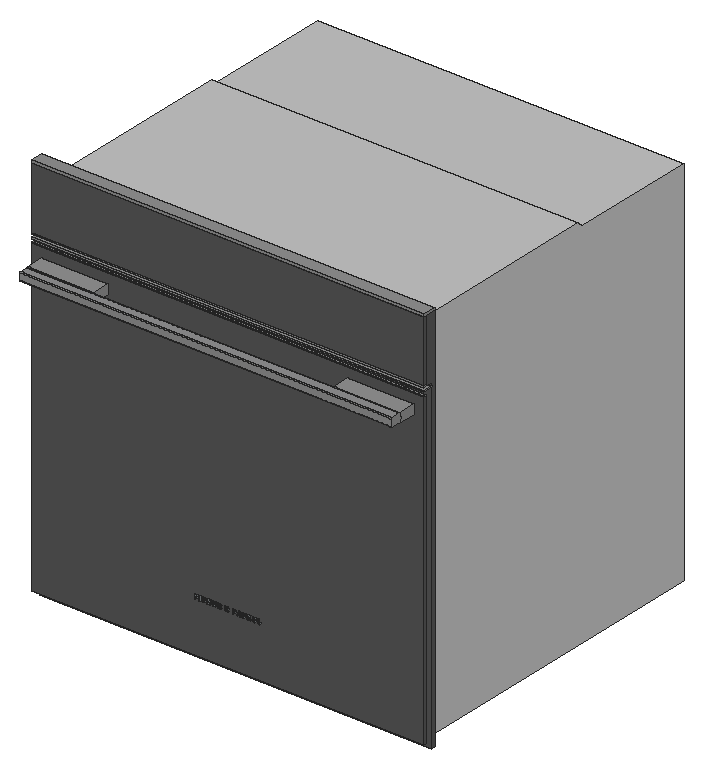
Revit family "FP-Revit20-en-OS60SDTB1-SteamOven-0-9000XXXXA-CN", category Specialty Equipment, Revit 2020
Family settings
  Round Connector Dimension = Use Diameter
  Part Type = Normal
  OmniClass Number = 23.40.40.14.17.11
  OmniClass Title = Cookers, Ovens, Stoves
  Work Plane-Based = No
  Always vertical = Yes
  Cut with Voids When Loaded = Yes
  Shared = No
  Room Calculation Point = No
Parameters (values of type "OS60SDTB1")
  Visibility - Clearance Required = yes
  URL = "www.fisherpaykel.com"
  Product - Height = 598 mm  # constant formula
  Product - Width = 596 mm  # constant formula
  Product - Depth (Exc. Handles) = 565 mm  # constant formula
  Opening - Height = 600 mm  # constant formula
  Model = "OS60SDTB1"
  Material - Trim = Fisher & Paykel - Aluminium, Dark
  Material - Structure = Fisher & Paykel - Black
  Material - Handle = Fisher & Paykel - Aluminium, Dark
  Material - Glass = Fisher & Paykel - Glass, Black
  Material - Body = Fisher & Paykel - Grey
  Manufacturer = "Fisher & Paykel Appliances"
  FFL Offset [instance] = 900 mm
  Description = "Combination Steam Oven, 60cm, 23 Function"
  Default Elevation = 0 mm
  Connector Description - Electrical = "220-240V, 50Hz ,15A"
  Chassis - Width = 556 mm  # constant formula
  Chassis - Height = 575 mm  # constant formula
  Chassis - Depth = 545 mm  # constant formula
  Cavity - Width = 560 mm  # constant formula
  Cavity - Height = 580 mm  # constant formula
  Cavity - Depth = 550 mm  # constant formula
Reference planes
  plane 1 "Datum": y = 0
  plane 2: z = -2
  plane 3 "Center (Left/Right)": x = 0
  plane 4 "Product - LHS": x = -298
  plane 5 "Product - RHS": x = 298
  plane 6 "Cavity - RHS": x = 280
  plane 7 "FFL Offset": z = 898
  plane 8 "Chassis - Depth": y = 545
  plane 9 "Front Face": y = -20
  plane 10 "Chassis - Height": z = 1473
  plane 11 "Cavity - Height": z = 1478
  plane 12 "Opening - Height": z = 1498
  plane 13 "Cavity - LHS": x = -280
  plane 14 "Cavity - Depth": y = 550
  plane 15 "Product - Height": z = 1496
  plane 16 "Opening - RHS": x = 300
  plane 17 "Opening - LHS": x = -300
  plane 18 "Chassis - LHS": x = -278
  plane 19 "Chassis - RHS": x = 278
Forms (mm)
  Extrusion 1, solid, material "Fisher & Paykel - Grey" <- "Material - Body"
    sketch origin (0, 0, 0) x (0, 1, 0) y (0, 0, 1)
      loop
        line (0, 1473) -> (0, 898) -> (528, 898) -> (528, 1088) -> (545, 1108) -> (545, 1303) -> (498, 1358) -> (498, 1466) -> (305, 1466) -> (298, 1473) -> (0, 1473)
    from -278 to 278
  Extrusion 2, solid, material "Fisher & Paykel - Black" <- "Material - Structure", detail levels fine
    sketch origin (0, 0, 0) x (0, 1, 0) y (0, 0, 1)
      loop
        line (0, 1492.7) -> (-16, 1492.7) -> (-16, 1396) -> (-4, 1396) -> (-4, 898) -> (0, 898) -> (0, 1492.7)
    from -298 to 298
  Extrusion 3, solid, material "Fisher & Paykel - Glass, Black" <- "Material - Glass", detail levels fine
    sketch origin (0, 0, -3) x (0, 1, 0) y (0, 0, 1)
      loop
        line (-20, 1386.4) -> (-20, 912.5) -> (-16, 912.5) -> (-16, 1386.4) -> (-20, 1386.4)
      loop
        line (-20, 1400.8) -> (-16, 1400.8) -> (-16, 1495.7) -> (-20, 1495.7) -> (-20, 1400.8)
    from -298 to 298
  Extrusion 4, solid, material "Fisher & Paykel - Black" <- "Material - Structure", detail levels fine
    sketch origin (0, 0, 0) x (0, 1, 0) y (0, 0, 1)
      loop
        line (-16, 909.5) -> (-4, 909.5) -> (-4, 1380.364) -> (-13.99, 1384) -> (-16, 1384) -> (-16, 909.5)
    from -268 to 268
  Extrusion 5, solid, material "Fisher & Paykel - Clearance Required", visible <- "Visibility - Clearance Required", detail levels coarse
    sketch origin (0, 0, -2) x (1, 0, 0) y (0, 1, 0)
      loop
        line (-280, 0) -> (280, 0) -> (280, 550) -> (-280, 550) -> (-280, 0)
    from 900 to 1480
  Extrusion 6, void
    sketch origin (0, 0, 0) x (0, 1, 0) y (0, 0, 1)
      loop
        line (-20, 898) -> (0, 898) -> (0, 1498) -> (-20, 1498) -> (-20, 898)
    from -300 to 300
  Extrusion 7, solid, material "Fisher & Paykel - Grey" <- "Material - Body"
    sketch origin (0, 2, 0) x (0, 1, 0) y (0, 0, 1)
      loop
        line (496, 1433.999) -> (496, 1376) -> (517.999, 1376) -> (517.999, 1433.999) -> (496, 1433.999)
    from -221 to -128
  Extrusion 8, solid, material "Fisher & Paykel - Aluminium, Dark" <- "Material - Trim", detail levels fine
    sketch origin (0, 0, -1.199) x (0, 1, 0) y (0, 0, 1)
      loop
        line (-16, 1397.199) -> (-16, 1398.999) -> (-20, 1398.999) -> (-20, 1397.199) -> (-16, 1397.199)
      loop
        line (-16, 1384.599) -> (-16, 1386.199) -> (-20, 1386.199) -> (-20, 1384.599) -> (-16, 1384.599)
      loop
        line (-4, 1390.799) -> (-4, 1392.399) -> (-20, 1392.399) -> (-20, 1390.799) -> (-4, 1390.799)
      loop
        line (0, 1493.899) -> (0, 1497.199) -> (-20, 1497.199) -> (-20, 1493.899) -> (0, 1493.899)
    from -298 to 298
  Extrusion 9, void
    sketch origin (0, 0, -2) x (1, 0, 0) y (0, 1, 0)
      loop
        line (201.865, 545) -> (229, 498) -> (278, 498) -> (278, 545) -> (201.865, 545)
      loop
        line (-201.865, 545) -> (-278, 545) -> (-278, 498) -> (-229, 498) -> (-201.865, 545)
    from 900 to 1480
  Extrusion 10, solid, material "Fisher & Paykel - Grey" <- "Material - Body"
    sketch origin (0, 6.626, -14.403) x (0, 1, 0) y (0, 0, 1)
      loop
        circle (501.374, 1419.388) r 5
    from -271 to -221
  Extrusion 11, void
    sketch origin (0, 0, -2) x (1, 0, 0) y (0, 1, 0)
      loop
        line (-280, 0) -> (280, 0) -> (280, 550) -> (-280, 550) -> (-280, 0)
    from 900 to 1480
  Extrusion 12, solid, material "Fisher & Paykel - Glass, Black" <- "Material - Glass", detail levels coarse+medium
    sketch origin (0, 0, 0) x (0, 1, 0) y (0, 0, 1)
      loop
        line (0, 1496) -> (-20, 1496) -> (-20, 1396) -> (-4, 1396) -> (-4, 1391.2) -> (-4, 1380.364) -> (-13.99, 1384) -> (-16, 1384) -> (-16, 1385) -> (-20, 1385) -> (-20, 909.5) -> (-4, 909.5) -> (-4, 898) -> (0, 898) -> (0, 1496)
    from -298 to 298
  Extrusion 13, solid, material "Fisher & Paykel - Clearance Required", visible <- "Visibility - Clearance Required", detail levels coarse
    sketch origin (0, 0, 0) x (0, 1, 0) y (0, 0, 1)
      loop
        line (0, 898) -> (0, 1498) -> (-20, 1498) -> (-20, 1385)
        arc (-20, 1385) -> (-332.479, 1259.952) -> (-475.335, 955.203) r 458.415
        line (-475.335, 955.203) -> (-461.431, 954.484) -> (-463.168, 920.896) -> (-450.381, 920.235) -> (-448.645, 953.805) -> (-20, 931.639) -> (-20, 898) -> (0, 898)
    from -300 to 300
Cuts and joins
  Extrusion 9 cuts Extrusion 1
Text (mm)
  text "Due to ongoing product development, product details are subject to change without notice. \nPlease always refer to www.fisherpaykel.com for the most current product information. \n© Fisher & Paykel 2020" at (41.04, -613.295, 0), in view "Ref. Level (Plan)"
Dimensions and locks
  equal spacing: plane 4 "Product - LHS", plane 3 "Center (Left/Right)", plane 5 "Product - RHS"
  "Product - Width": plane 4 "Product - LHS" to plane 5 "Product - RHS"
  "FFL Offset": plane 7 "FFL Offset" to level
  locked: plane 9 "Front Face" to plane 1 "Datum" at 20
  "Cavity - Height": plane 11 "Cavity - Height" to plane 7 "FFL Offset"
  "Chassis - Height": plane 10 "Chassis - Height" to plane 7 "FFL Offset"
  "Cavity - Depth": plane 1 "Datum" to plane 14 "Cavity - Depth"
  "Cavity - Width": plane 13 "Cavity - LHS" to plane 6 "Cavity - RHS"
  Extrusion 6 to Extrusion 3 = 11.5 mm
  "Chassis - Depth": plane 1 "Datum" to plane 8 "Chassis - Depth"
  equal spacing: plane 13 "Cavity - LHS", plane 3 "Center (Left/Right)", plane 6 "Cavity - RHS"
  "Opening - Height": plane 7 "FFL Offset" to plane 12 "Opening - Height"
  "Product - Height": plane 7 "FFL Offset" to plane 15 "Product - Height"
  equal spacing: cut or joined group of Extrusion 1, Extrusion 9, plane 3 "Center (Left/Right)", cut or joined group of Extrusion 1, Extrusion 9
  "Chassis - Width": cut or joined group of Extrusion 1, Extrusion 9 to cut or joined group of Extrusion 1, Extrusion 9
  locked: plane 15 "Product - Height" to nested 1 at 506.195
  plane 9 "Front Face" to plane 8 "Chassis - Depth" = 565 mm
  locked: nested 2 to plane 15 "Product - Height" at 135
  aligned and locked: level to plane 2
  aligned and locked: plane 4 "Product - LHS" to Extrusion 3
  aligned and locked: Extrusion 3 to plane 5 "Product - RHS"
  aligned and locked: plane 4 "Product - LHS" to Extrusion 2
  aligned and locked: Extrusion 2 to plane 5 "Product - RHS"
  aligned and locked: Extrusion 1 to plane 7 "FFL Offset"
  aligned and locked: Extrusion 8 to plane 5 "Product - RHS"
  aligned and locked: Extrusion 8 to Extrusion 3
  aligned and locked: Extrusion 6 to Extrusion 3
  aligned and locked: Extrusion 3 to Extrusion 8
  aligned and locked: Extrusion 4 to Extrusion 3
  aligned and locked: Extrusion 4 to Extrusion 2
  aligned and locked: Extrusion 8 to plane 1 "Datum"
  aligned and locked: plane 9 "Front Face" to Extrusion 6
  aligned and locked: Extrusion 5 to plane 6 "Cavity - RHS"
  aligned and locked: Extrusion 10 to Extrusion 7
  aligned and locked: plane 11 "Cavity - Height" to Extrusion 5
  aligned and locked: Extrusion 6 to plane 12 "Opening - Height"
  aligned and locked: Extrusion 6 to Extrusion 2
  aligned and locked: Extrusion 8 to plane 15 "Product - Height"
  aligned and locked: Extrusion 8 to Extrusion 2
  aligned and locked: Extrusion 9 to Extrusion 1
  aligned and locked: Extrusion 5 to Extrusion 2
  aligned and locked: Extrusion 5 to Extrusion 9
  aligned and locked: Extrusion 5 to plane 7 "FFL Offset"
  aligned and locked: Extrusion 1 to Extrusion 9
  aligned and locked: Extrusion 12 sketch curve to plane 15 "Product - Height"
  aligned and locked: plane 11 "Cavity - Height" to Extrusion 11
  aligned and locked: Extrusion 2 to Extrusion 11
  aligned and locked: Extrusion 3 to Extrusion 4
  aligned and locked: Extrusion 12 to Extrusion 3
  aligned and locked: Extrusion 13 to plane 16 "Opening - RHS"
  aligned and locked: plane 17 "Opening - LHS" to Extrusion 13
Automatic sketch dimensions
  Extrusion 1 sketch curve to plane 1 "Datum" = 0 mm
  Extrusion 1 sketch curve to plane 10 "Chassis - Height" = 0 mm
  Extrusion 1 sketch curve to plane 7 "FFL Offset" = 0 mm
  Extrusion 1 sketch curve to plane 8 "Chassis - Depth" = 0 mm
  Extrusion 1 sketch curve to Extrusion 1 sketch curve = 7 mm
  Extrusion 1 sketch curve to plane 10 "Chassis - Height" = 7 mm
  Extrusion 1 sketch curve to Extrusion 1 sketch curve = 20 mm
  Extrusion 2 sketch curve to plane 7 "FFL Offset" = 0 mm
  Extrusion 2 sketch curve to plane 1 "Datum" = 0 mm
  plane 1 "Datum" to Extrusion 2 sketch curve = 4 mm
  Extrusion 2 sketch curve to plane 9 "Front Face" = 4 mm
  plane 15 "Product - Height" to Extrusion 2 sketch curve = 3.3 mm
  Extrusion 3 sketch curve to plane 9 "Front Face" = 0 mm  (x2)
  Extrusion 3 sketch curve to Extrusion 3 sketch curve = 4 mm  (x2)
  plane 7 "FFL Offset" to Extrusion 3 sketch curve = 11.5 mm
  Extrusion 3 sketch curve to Extrusion 3 sketch curve = 14.4 mm
  plane 15 "Product - Height" to Extrusion 3 sketch curve = 3.3 mm
  Extrusion 4 sketch curve to plane 9 "Front Face" = 4 mm
  Extrusion 4 sketch curve to Extrusion 4 sketch curve = 2.01 mm
  plane 1 "Datum" to Extrusion 4 sketch curve = 4 mm
  plane 7 "FFL Offset" to Extrusion 4 sketch curve = 11.5 mm
  Extrusion 4 sketch curve to Extrusion 4 sketch curve = 3.636 mm
  Extrusion 5 sketch curve to plane 13 "Cavity - LHS" = 0 mm
  Extrusion 5 sketch curve to plane 6 "Cavity - RHS" = 0 mm
  plane 1 "Datum" to Extrusion 5 sketch curve = 0 mm
  Extrusion 5 sketch curve to plane 14 "Cavity - Depth" = 0 mm
  Extrusion 6 sketch curve to plane 9 "Front Face" = 0 mm
  Extrusion 6 sketch curve to plane 1 "Datum" = 0 mm
  Extrusion 6 sketch curve to plane 7 "FFL Offset" = 0 mm
  plane 12 "Opening - Height" to Extrusion 6 sketch curve = 0 mm
  Extrusion 7 sketch curve to Extrusion 7 sketch curve = 21.999 mm
  Extrusion 8 sketch curve to plane 9 "Front Face" = 0 mm  (x4)
  Extrusion 8 sketch curve to plane 1 "Datum" = 0 mm
  plane 15 "Product - Height" to Extrusion 8 sketch curve = 0 mm
  Extrusion 8 sketch curve to Extrusion 8 sketch curve = 4 mm  (x2)
  plane 1 "Datum" to Extrusion 8 sketch curve = 4 mm
  plane 15 "Product - Height" to Extrusion 8 sketch curve = 3.3 mm
  Extrusion 8 sketch curve to Extrusion 8 sketch curve = 1.8 mm
  Extrusion 8 sketch curve to Extrusion 8 sketch curve = 4.8 mm
  Extrusion 8 sketch curve to Extrusion 8 sketch curve = 1.6 mm  (x2)
  Extrusion 8 sketch curve to Extrusion 8 sketch curve = 4.6 mm
  Extrusion 9 sketch curve to plane 8 "Chassis - Depth" = 0 mm  (x2)
  Extrusion 9 sketch curve to plane 13 "Cavity - LHS" = 2 mm
  Extrusion 9 sketch curve to Extrusion 9 sketch curve = 49 mm
  Extrusion 9 sketch curve to Extrusion 9 sketch curve = 27.135 mm
  plane 6 "Cavity - RHS" to Extrusion 9 sketch curve = 78.135 mm
  plane 6 "Cavity - RHS" to Extrusion 9 sketch curve = 51 mm
  plane 6 "Cavity - RHS" to Extrusion 9 sketch curve = 2 mm
  Extrusion 11 sketch curve to plane 13 "Cavity - LHS" = 0 mm
  Extrusion 11 sketch curve to plane 6 "Cavity - RHS" = 0 mm
  plane 1 "Datum" to Extrusion 11 sketch curve = 0 mm
  Extrusion 11 sketch curve to plane 14 "Cavity - Depth" = 0 mm
  Extrusion 7 sketch curve to plane 10 "Chassis - Height" = 39.001 mm
  Extrusion 1 sketch curve to Extrusion 1 sketch curve = 163 mm
  Extrusion 1 sketch curve to Extrusion 1 sketch curve = 55 mm
  Extrusion 2 sketch curve to plane 10 "Chassis - Height" = 77 mm
  Extrusion 3 sketch curve to plane 10 "Chassis - Height" = 89.6 mm
  Extrusion 4 sketch curve to plane 10 "Chassis - Height" = 92.636 mm
  Extrusion 7 sketch curve to Extrusion 7 sketch curve = 57.999 mm
  Extrusion 8 sketch curve to plane 10 "Chassis - Height" = 75.2 mm
  Extrusion 10 sketch curve to plane 10 "Chassis - Height" = 68.015 mm
  Extrusion 12 sketch curve to plane 9 "Front Face" = 0 mm  (x2)
  Extrusion 12 sketch curve to plane 7 "FFL Offset" = 0 mm
  Extrusion 12 sketch curve to plane 1 "Datum" = 0 mm
  Extrusion 12 sketch curve to plane 9 "Front Face" = 4 mm
  Extrusion 12 sketch curve to Extrusion 12 sketch curve = 2.01 mm
  plane 1 "Datum" to Extrusion 12 sketch curve = 4 mm  (x2)
  Extrusion 12 sketch curve to plane 10 "Chassis - Height" = 92.636 mm
  Extrusion 12 sketch curve to Extrusion 12 sketch curve = 3.636 mm
  Extrusion 12 sketch curve to Extrusion 12 sketch curve = 1 mm
  Extrusion 12 sketch curve to Extrusion 12 sketch curve = 10.836 mm
  Extrusion 12 sketch curve to Extrusion 12 sketch curve = 11 mm
  Extrusion 12 sketch curve to Extrusion 12 sketch curve = 11.5 mm
  Extrusion 1 sketch curve to Extrusion 1 sketch curve = 190 mm
  Extrusion 13 sketch curve to plane 9 "Front Face" = 0 mm  (x2)
  Extrusion 13 sketch curve to plane 1 "Datum" = 0 mm
  Extrusion 13 sketch curve to plane 7 "FFL Offset" = 0 mm
  plane 12 "Opening - Height" to Extrusion 13 sketch curve = 0 mm
  plane 7 "FFL Offset" to Extrusion 13 sketch curve = 55.805 mm
  plane 9 "Front Face" to Extrusion 13 sketch curve = 428.645 mm
  plane 7 "FFL Offset" to Extrusion 13 sketch curve = 22.235 mm
  Extrusion 13 sketch curve to Extrusion 13 sketch curve = 1.736 mm
  plane 7 "FFL Offset" to Extrusion 13 sketch curve = 56.484 mm
  Extrusion 13 sketch curve to Extrusion 13 sketch curve = 12.786 mm
  Extrusion 13 sketch curve to plane 9 "Front Face" = 2.186 mm
  Extrusion 13 sketch curve to Extrusion 13 sketch curve = 5.049 mm
  Extrusion 13 sketch curve to Extrusion 13 sketch curve = 13.904 mm
  Extrusion 1 sketch curve to plane 8 "Chassis - Depth" = 247 mm
  Extrusion 1 sketch curve to plane 8 "Chassis - Depth" = 47 mm
  Extrusion 1 sketch curve to plane 8 "Chassis - Depth" = 17 mm
  Extrusion 7 sketch curve to plane 8 "Chassis - Depth" = 47 mm
  Extrusion 9 sketch curve to plane 8 "Chassis - Depth" = 47 mm  (x2)
  Extrusion 10 sketch curve to plane 8 "Chassis - Depth" = 37 mm
  radius of Extrusion 10 sketch curve = 5 mm
Nested families
  nested 1: "F&P Logo 100mm" at (0.044, -20, 987), type "Grey"
  nested 2: "F&P Handle Contemporary Square Fine OB60-24" at (0, -20, 1361.022), type "Aluminium Black"
Connectors
  electrical at (-271, 508, 1404.985), driven by "Connector Description - Electrical"
    settings: on Extrusion 10, index 1, voltage 230 V, apparent load 0 VA, apparent load phase1 0 VA, apparent load phase2 0 VA, apparent load phase3 0 VA, power factor 1, load classification "Other", number of poles 1, system type 30, power factor state 1, is connector primary yes, connector utility yes, sub classification motor no, connector description "220-240V, 50Hz ,15A"
Definition of nested family "F&P Logo 100mm"
  Parameters (values of type "Grey")
    URL = "www.fisherpaykel.com"
    Material - Logo = none
    Manufacturer = "Fisher & Paykel Appliances"
    Default Elevation = 0 mm
  Reference planes
    plane 1 "Center (Front/Back)": y = 0
    plane 2: z = 0
    plane 3 "Center (Left/Right)": x = 0
    plane 4 "Logo": z = 2.805
  Forms (mm)
    Extrusion 1, solid, material <- "Material - Logo", detail levels fine
      sketch origin (0, 0, 0) x (1, 0, 0) y (0, 0, 1)
        loop
          line (-50.044, 0) -> (-48.47, 0) -> (-48.47, 2.138) -> (-46.011, 2.138) -> (-46.011, 3.472) -> (-48.47, 3.472) -> (-48.47, 4.712) -> (-45.795, 4.712) -> (-45.795, 6.04) -> (-50.044, 6.04) -> (-50.044, 0)
        loop
          line (-42.804, 6.04) -> (-42.804, 0) -> (-41.23, 0) -> (-41.23, 6.04) -> (-42.804, 6.04)
        loop
          line (-30.724, 6.04) -> (-30.724, 0) -> (-29.151, 0) -> (-29.151, 2.42) -> (-26.839, 2.42) -> (-26.839, 0) -> (-25.265, 0) -> (-25.265, 6.04) -> (-26.839, 6.04) -> (-26.839, 3.748) -> (-29.151, 3.748) -> (-29.151, 6.04) -> (-30.724, 6.04)
        loop
          line (-21.906, 6.04) -> (-21.906, 0) -> (-17.602, 0) -> (-17.602, 1.328) -> (-20.347, 1.328) -> (-20.347, 2.42) -> (-17.838, 2.42) -> (-17.838, 3.748) -> (-20.347, 3.748) -> (-20.347, 4.712) -> (-17.602, 4.712) -> (-17.602, 6.04) -> (-21.906, 6.04)
        loop
          line (45.667, 6.04) -> (45.667, 0) -> (49.956, 0) -> (49.956, 1.328) -> (47.241, 1.328) -> (47.241, 6.04) -> (45.667, 6.04)
        loop
          line (42.431, 6.04) -> (38.112, 6.04) -> (38.112, 0) -> (42.431, 0) -> (42.431, 1.328) -> (39.687, 1.328) -> (39.687, 2.42) -> (42.195, 2.42) -> (42.195, 3.748) -> (39.687, 3.748) -> (39.687, 4.712) -> (42.431, 4.712) -> (42.431, 6.04)
        loop
          line (33.443, 3.137) -> (35.683, 6.04) -> (33.844, 6.04) -> (31.915, 3.542) -> (31.915, 6.04) -> (30.342, 6.04) -> (30.342, 0) -> (31.915, 0) -> (31.915, 2.705) -> (33.903, 0) -> (35.747, 0) -> (33.443, 3.137)
        loop
          line (21.98, 6.04) -> (24.262, 2.42) -> (24.262, 0) -> (25.837, 0) -> (25.837, 2.341) -> (28.119, 6.04) -> (26.446, 6.04) -> (25.099, 3.707) -> (23.753, 6.04) -> (21.98, 6.04)
        loop
          line (18.479, 6.04) -> (16.983, 6.04) -> (14.524, 0) -> (16.069, 0) -> (16.501, 1.112) -> (18.786, 1.112) -> (19.219, 0) -> (20.938, 0) -> (18.479, 6.04)
        loop
          line (18.4, 2.439) -> (17.693, 4.174) -> (17.018, 2.439) -> (18.4, 2.439)
        loop
          line (8.031, 6.04) -> (8.031, 0) -> (9.605, 0) -> (9.605, 1.938) -> (10.599, 1.938)
          arc (10.599, 1.938) -> (12.65, 3.989) -> (10.599, 6.04) r 2.051
          line (10.599, 6.04) -> (8.031, 6.04)
        loop
          line (9.605, 4.712) -> (9.605, 3.197) -> (10.501, 3.197)
          arc (10.501, 3.197) -> (11.259, 3.954) -> (10.501, 4.712) r 0.757
          line (10.501, 4.712) -> (9.605, 4.712)
        loop
          line (-11.783, 6.04) -> (-14.366, 6.04) -> (-14.366, 0) -> (-12.792, 0) -> (-12.792, 1.336) -> (-11.992, 1.336) -> (-10.972, 0) -> (-9.153, 0) -> (-10.694, 1.973)
          arc (-10.694, 1.973) -> (-9.678, 4.424) -> (-11.783, 6.04) r 2.179
        loop
          line (-11.897, 4.712) -> (-12.792, 4.712) -> (-12.792, 3.053) -> (-11.897, 3.053)
          arc (-11.897, 3.053) -> (-11.068, 3.882) -> (-11.897, 4.712) r 0.83
        loop
          line (0.477, 4.712) -> (0.477, 6.153) -> (-3.575, 6.153) -> (-3.575, 4.851) -> (-2.974, 4.112)
          arc (-2.974, 4.112) -> (-3.51, 0.684) -> (-0.045, 0.512) r 2.334
          line (-0.045, 0.512) -> (0.46, -0.109) -> (2.246, -0.109) -> (0.86, 1.594) -> (2.061, 3.324) -> (0.443, 3.324) -> (-0.013, 2.667) -> (-1.677, 4.712) -> (0.477, 4.712)
        loop
          arc (-2.125, 3.068) -> (-2.269, 1.668) -> (-0.868, 1.524) r 0.996
          line (-0.868, 1.524) -> (-2.125, 3.068)
        loop
          line (-35.18, 3.634) -> (-36.516, 3.91)
          arc (-36.516, 3.91) -> (-37.049, 4.443) -> (-36.516, 4.976) r 0.533
          arc (-36.516, 4.976) -> (-35.235, 4.79) -> (-34.059, 4.248) r 4.505
          line (-34.059, 4.248) -> (-34.059, 5.743)
          arc (-34.059, 5.743) -> (-35.549, 6.179) -> (-37.1, 6.109) r 4.726
          arc (-37.1, 6.109) -> (-38.536, 4.335) -> (-37.1, 2.561) r 1.814
          line (-37.1, 2.561) -> (-35.754, 2.282)
          arc (-35.754, 2.282) -> (-35.221, 1.749) -> (-35.754, 1.216) r 0.533
          arc (-35.754, 1.216) -> (-37.035, 1.402) -> (-38.211, 1.945) r 4.505
          line (-38.211, 1.945) -> (-38.211, 0.449)
          arc (-38.211, 0.449) -> (-36.72, 0.013) -> (-35.169, 0.083) r 4.726
          arc (-35.169, 0.083) -> (-33.734, 1.863) -> (-35.18, 3.634) r 1.814
      from 0 to 0.8
  Dimensions and locks
    aligned and locked: level to plane 2
Definition of nested family "F&P Handle Contemporary Square Fine OB60-24"
  Parameters (values of type "Aluminium Black")
    URL = "www.fisherpaykel.com"
    Material - Handle = none
    Manufacturer = "Fisher & Paykel Appliances"
    Handle - Length = 565 mm
    Default Elevation = 0 mm
  Reference planes
    plane 1 "Center (Front/Back)": y = 0
    plane 2: z = 0
    plane 3 "Center (Left/Right)": x = 0
    plane 4 "Product LHS": x = -282.5
    plane 5 "Product RHS": x = 282.5
    plane 6 "LHS Standoff": x = -182.495
    plane 7 "RHS Standoff": x = 182.505
    plane 8 "Handle centre": z = -0.022
    plane 9: z = -0.022
  Forms (mm)
    Extrusion 1, solid, material <- "Material - Handle", detail levels fine
      sketch origin (0, 0, 0) x (0, 1, 0) y (0, 0, 1)
        loop
          arc (-26.813, 6.16) -> (-27.196, 6.554) -> (-27.728, 6.686) r 1
          line (-27.728, 6.686) -> (-40.035, 6.256)
          arc (-40.035, 6.256) -> (-40.719, 5.951) -> (-41, 5.257) r 1
          line (-41, 5.257) -> (-41, -5.257)
          arc (-41, -5.257) -> (-40.719, -5.951) -> (-40.035, -6.256) r 1
          line (-40.035, -6.256) -> (-27.709, -6.686)
          arc (-27.709, -6.686) -> (-27.175, -6.554) -> (-26.792, -6.158) r 1
          arc (-26.792, -6.158) -> (-25.256, 0.004) -> (-26.813, 6.16) r 13.038
      from -282.5 to 282.5
    Extrusion 2, solid, material <- "Material - Handle", detail levels fine
      sketch origin (0, 0, 0) x (0, 1, 0) y (0, 0, 1)
        loop
          arc (-26.626, -6.008) -> (-26.614, -6.49) -> (-26.2, -6.737) r 0.5
          line (-26.2, -6.737) -> (0, -7.696) -> (0, 7.704) -> (-26.174, 6.747)
          arc (-26.174, 6.747) -> (-26.587, 6.5) -> (-26.6, 6.019) r 0.5
          arc (-26.6, 6.019) -> (-25.156, 0.002) -> (-26.626, -6.008) r 13.136
      from 182.505 to 282.5
    Extrusion 3, solid, material <- "Material - Handle", detail levels coarse+medium
      sketch origin (0, 0, 0) x (1, 0, 0) y (0, 1, 0)
        loop
          line (-282.5, -42) -> (282.5, -42) -> (282.5, 0) -> (182.505, 0) -> (182.505, -26.156) -> (-182.495, -26.156) -> (-182.495, 0) -> (-282.5, 0) -> (-282.5, -42)
      from -8.022 to 7.978
    Extrusion 4, solid, material <- "Material - Handle", detail levels fine
      sketch origin (0, 0, 0) x (0, 1, 0) y (0, 0, 1)
        loop
          arc (-26.626, -6.008) -> (-26.614, -6.49) -> (-26.2, -6.737) r 0.5
          line (-26.2, -6.737) -> (0, -7.696) -> (0, 7.704) -> (-26.174, 6.747)
          arc (-26.174, 6.747) -> (-26.587, 6.5) -> (-26.6, 6.019) r 0.5
          arc (-26.6, 6.019) -> (-25.156, 0.002) -> (-26.626, -6.008) r 13.136
      from -282.5 to -182.495
  Dimensions and locks
    equal spacing: plane 4 "Product LHS", plane 3 "Center (Left/Right)", plane 5 "Product RHS"
    "Handle - Length": plane 4 "Product LHS" to plane 5 "Product RHS"
    locked: plane 4 "Product LHS" to plane 6 "LHS Standoff" at 100.005
    locked: plane 7 "RHS Standoff" to plane 5 "Product RHS" at 99.995
    aligned and locked: level to plane 2
    aligned and locked: Extrusion 1 to plane 5 "Product RHS"
    aligned and locked: plane 4 "Product LHS" to Extrusion 1
    aligned and locked: Extrusion 2 to plane 5 "Product RHS"
    aligned and locked: plane 4 "Product LHS" to Extrusion 3 sketch curve
    aligned and locked: Extrusion 3 sketch curve to plane 5 "Product RHS"
    aligned and locked: Extrusion 3 sketch curve to plane 7 "RHS Standoff"
    aligned and locked: plane 6 "LHS Standoff" to Extrusion 3 sketch curve
    aligned and locked: plane 4 "Product LHS" to Extrusion 4
    aligned and locked: plane 6 "LHS Standoff" to Extrusion 4
    aligned and locked: Extrusion 2 to plane 7 "RHS Standoff"
  Automatic sketch dimensions
    Extrusion 1 sketch curve to level = 5.257 mm
    plane 1 "Center (Front/Back)" to Extrusion 1 sketch curve = 41 mm
    level to Extrusion 1 sketch curve = 6.256 mm
    Extrusion 1 sketch curve to Extrusion 1 sketch curve = 0.965 mm  (x2)
    Extrusion 1 sketch curve to level = 6.256 mm
    Extrusion 1 sketch curve to Extrusion 1 sketch curve = 0.035 mm  (x3)
    Extrusion 1 sketch curve to level = 0.018 mm
    Extrusion 1 sketch curve to Extrusion 1 sketch curve = 1.706 mm
    level to Extrusion 1 sketch curve = 6.686 mm
    Extrusion 1 sketch curve to Extrusion 1 sketch curve = 12.307 mm
    Extrusion 1 sketch curve to level = 6.686 mm
    Extrusion 1 sketch curve to Extrusion 1 sketch curve = 12.326 mm
    Extrusion 1 sketch curve to Extrusion 1 sketch curve = 0.999 mm  (x2)
    Extrusion 1 sketch curve to Extrusion 1 sketch curve = 0 mm
    Extrusion 2 sketch curve to plane 1 "Center (Front/Back)" = 0 mm
    level to Extrusion 2 sketch curve = 6.247 mm
    plane 1 "Center (Front/Back)" to Extrusion 2 sketch curve = 26.155 mm
    level to Extrusion 2 sketch curve = 6.747 mm
    Extrusion 2 sketch curve to Extrusion 2 sketch curve = 0.018 mm  (x2)
    Extrusion 2 sketch curve to level = 6.238 mm
    Extrusion 2 sketch curve to Extrusion 2 sketch curve = 0.026 mm
    Extrusion 2 sketch curve to level = 6.737 mm
    level to Extrusion 2 sketch curve = 0.03 mm
    Extrusion 2 sketch curve to Extrusion 2 sketch curve = 12.11 mm
    Extrusion 2 sketch curve to level = 7.696 mm
    level to Extrusion 2 sketch curve = 7.704 mm
    Extrusion 2 sketch curve to Extrusion 2 sketch curve = 0 mm
    plane 1 "Center (Front/Back)" to Extrusion 3 sketch curve = 42 mm
    Extrusion 3 sketch curve to Extrusion 3 sketch curve = 15.844 mm
    Extrusion 3 sketch curve to Extrusion 3 sketch curve = 26.156 mm  (x2)
    level to Extrusion 4 sketch curve = 0.03 mm
    plane 1 "Center (Front/Back)" to Extrusion 4 sketch curve = 38.291 mm
    Extrusion 4 sketch curve to level = 6.737 mm
    Extrusion 4 sketch curve to Extrusion 4 sketch curve = 12.091 mm
    Extrusion 4 sketch curve to Extrusion 4 sketch curve = 0.018 mm  (x2)
    level to Extrusion 4 sketch curve = 6.747 mm
    Extrusion 4 sketch curve to Extrusion 4 sketch curve = 0.008 mm
    level to Extrusion 4 sketch curve = 7.704 mm
    Extrusion 4 sketch curve to Extrusion 4 sketch curve = 26.174 mm
    Extrusion 4 sketch curve to level = 7.696 mm
    Extrusion 4 sketch curve to Extrusion 4 sketch curve = 0.5 mm  (x2)
    Extrusion 4 sketch curve to Extrusion 4 sketch curve = 0 mm
